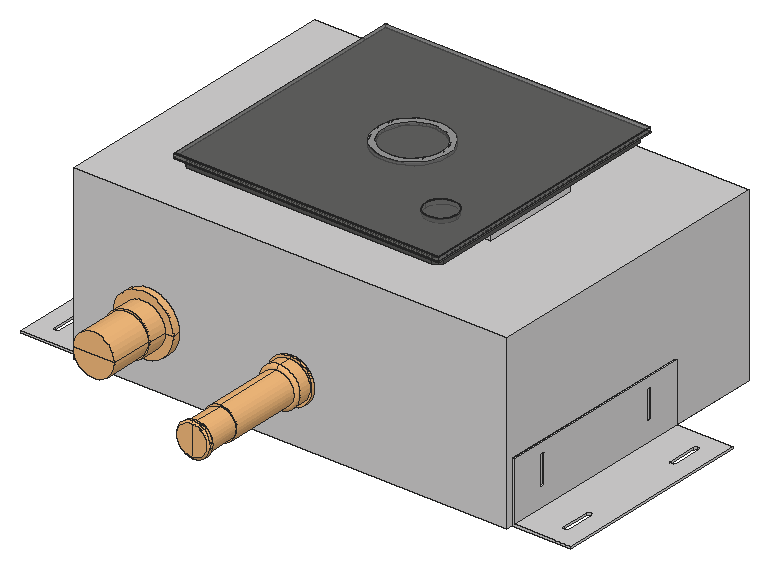
Revit family "Urinal-Flush_Actuator_Sensor-KOHLER-Summon-K-29182T", category Plumbing Fixtures, host Face, Revit 2021
Family settings
  Host = Face
  Round Connector Dimension = Use Diameter
  Part Type = Normal
  OmniClass Number = 23.31.25.00
  OmniClass Title = Toilet and Bath Specialties
  Cut with Voids When Loaded = No
  Shared = No
  Room Calculation Point = No
Parameters (values of type "3LPF,7-Black")
  Width = 6 7/32"  # constant formula
  WaterSense Certified = 1 = 0  # no
  Waste Water Outlet = "Waste Water Outlet"  # constant formula
  Waste Connection = 1 = 0  # no
  Voltage = 220 V  # constant formula
  Vent Connection = 1 = 0  # no
  URL = "http://www.kohler.com.cn/"
  Type = 1
  Product Page URL = ""
  Product Name = "Summon"  # constant formula
  Product Documentation Link = ""
  Pressure = 80.00 psi  # constant formula
  Model = if(or(Type = 1, Type = 2, Type = 3), "K-29182T-7", if(or(Type = 4, Type = 5, Type = 6), "K-29182T-X-7", "NA"))  # "K-29182T-7"
  Material = "Glass"  # constant formula
  Master Format 2014 Name = "Control Valves"  # constant formula
  Master Format 2014 = "23 09 13.33"  # constant formula
  Manufacturer Address = "Kohler Beijing Office (100016) 36-2-03-B, No. 88, Liuxiang Road, Beijing"  # constant formula
  Manufacturer = "Kohler Co."  # constant formula
  Length = 27/128"  # constant formula
  Hot Water Inlet = "Hot Water Inlet"  # constant formula
  Height = 6 57/256"  # constant formula
  HW Connection = 1 = 0  # no
  Flush Rate- LPF = if(or(Type = 1), "3LPF", if(or(Type = 2), "4.5LPF", if(or(Type = 3), "6LPF", if(or(Type = 4), "3LPF", if(or(Type = 5), "4.5LPF", if(or(Type = 6), "6LPF", "NA"))))))  # "3LPF"
  Flow Rate = 0 GPM
  Finish = Kohler-Glass-7-Black_Black
  Environmental Product Declaration = ""
  Electrical Note = "One Dedicated Circuit Required"  # constant formula
  Electrical Connector = 1 = 1  # yes
  Description = if(or(Type = 1, Type = 2, Type = 3), "Toilet Sensor, 3L/4.5L&6L", if(or(Type = 4, Type = 5, Type = 6), "Toilet Sensor, 3L/4.5L&6L-Internet Of Things", "NA"))  # "Toilet Sensor, 3L/4.5L&6L"
  Default Elevation = 36"
  Declare Label = ""
  Date Modified = "08/08/2022"  # constant formula
  Date Created = "08/08/2022"  # constant formula
  Copyright = "Copyright Kohler Co."  # constant formula
  Contact Us = "http://www.kohler.com.cn/contact/contact-us/"
  Cold Water Outlet = "Cold Water Outlet"  # constant formula
  Cold Water Inlet = "Cold Water Inlet"  # constant formula
  CW Connection = 1 = 1  # yes
  Assembly Code = "D2020"
  Apparent Load = 0 VA
  ADA Compliant = 1 = 0  # no
Types (7): name | Type | Model | Flush Rate- LPF | Description
  (no name) | 1 | "K-29182T-7" | "3LPF" | "Toilet Sensor, 3L/4.5L&6L"
  3LPF,7-Black | 1 | "K-29182T-7" | "3LPF" | "Toilet Sensor, 3L/4.5L&6L"
  4.5LPF,7-Black | 2 | "K-29182T-7" | "4.5LPF" | "Toilet Sensor, 3L/4.5L&6L"
  6LPF,7-Black | 3 | "K-29182T-7" | "6LPF" | "Toilet Sensor, 3L/4.5L&6L"
  3LPF-IOT,7-Black | 4 | "K-29182T-X-7" | "3LPF" | "Toilet Sensor, 3L/4.5L&6L-Internet Of Things"
  4.5LPF-IOT,7-Black | 5 | "K-29182T-X-7" | "4.5LPF" | "Toilet Sensor, 3L/4.5L&6L-Internet Of Things"
  6LPF-IOT,7-Black | 6 | "K-29182T-X-7" | "6LPF" | "Toilet Sensor, 3L/4.5L&6L-Internet Of Things"
Reference planes (in)
  plane 1 "Center (Front/Back)": y = 0
  plane 2: z = 0
  plane 3 "Center (Left/Right)": x = 0
  plane 4: z = -4.68099
  plane 5: z = -4.58961
  plane 6: z = -0.4085
  plane 7: z = 0
  plane 8: y = 3.54331
  plane 9: y = -3.54331
  plane 10: x = 6.41732
  plane 11: x = -6.49606
  plane 12: y = 3.11028
  plane 13: y = -3.11238
  plane 14: x = 3.11028
  plane 15: x = -3.10847
  plane 16: y = -1.67323
  plane 17: y = -0.87127
  plane 18: y = 0.87127
  plane 19: x = 5.03937
  plane 20: y = -6.45669
  plane 21: y = -5.15748
  plane 22: y = 1.37825
  plane 23: y = -3.37613
  plane 24: x = -5.11811
  plane 25: y = -2.5699
  plane 26: y = 0.57202
  plane 27: x = -0.87127
  plane 28: x = 0.87127
  plane 29: z = -2.63413
  plane 30: x = -3.34669
  plane 31: z = -4.62888
  plane 32: z = 0.21094
  plane 33: x = 5.92815
  plane 34: x = -6.0022
  plane 35: z = -0.04764
  plane 36: y = -6.45669
  plane 37: y = 3.63181
  plane 38: x = 2.01575
  plane 39: x = 1.92809
  plane 40: y = 2.08508
  plane 41: z = -3.21251
Forms (in)
  Extrusion 1, void
    sketch origin (0, 0, 0) x (0, 1, 0) y (0, 0, 1)
      loop
        line (-3.59782, -0.61732) -> (-3.59782, -4.68084) -> (3.71394, -4.68084) -> (3.71394, -0.61732) -> (-3.59782, -0.61732)
    from -6.53201 to 6.45626
  Extrusion 2, void
    sketch origin (0, 0, 0.15773) x (0, 1, 0) y (0, 0, 1)
      loop
        line (-3.54331, -2.59691) -> (-6.45669, -2.59691) -> (-6.45669, -4.13019) -> (-3.54331, -4.13019) -> (-3.54331, -2.59691)
    from -0.54514 to 0.54872
  Extrusion 3, void
    sketch origin (0, 0, -0.55469) x (1, 0, 0) y (0, 0, 1)
      loop
        circle (-3.29763, -2.67631) r 0.74069
    from 3.59782 to 5.15748
  Extrusion 4, void
    sketch origin (0, 0, 0) x (1, 0, 0) y (0, 1, 0)
      loop
        line (2.87375, 3.03154) -> (-2.87221, 3.03154) -> (-3.02958, 2.87418) -> (-3.02958, -2.88808) -> (-2.87256, -3.0451) -> (2.87408, -3.0451) -> (3.03151, -2.88768) -> (3.03151, 2.87379) -> (2.87375, 3.03154)
    from -0.61732 to 0
Dimensions and locks (in)
  plane 4 to nested 1 = 4.63335"
  "Width": plane 15 to plane 14
  "Height": plane 13 to plane 12
  plane 34 to plane 33 = 11.93035"
  plane 15 to plane 14 = 6 7/32"
  plane 9 to plane 20 = 2.91339"  (x2)
  plane 21 to plane 9 = 1.61417"
  level to plane 32 = 27/128"
  plane 4 to plane 29 = 2 3/64"
  plane 14 to plane 15 = 6 7/32"
  plane 26 to plane 25 = 3.14192"
  plane 9 to plane 21 = 1.61417"
  plane 37 to plane 20 = 10.08851"
  level to plane 29 = 2.63413"
  plane 32 to plane 4 = 4.89193"
  "Length": plane 32 to level
  aligned and locked: plane 2 to host face
  aligned and locked: level to host face
Automatic sketch dimensions
  host sketch curve to host sketch curve = 96"  (x2)
  plane 35 to Extrusion 1 sketch curve = 0.56968"
  Extrusion 1 sketch curve to plane 4 = 0.00015"
  plane 9 to Extrusion 1 sketch curve = 0.05452"
  Extrusion 1 sketch curve to plane 37 = 0.08213"
  Extrusion 2 sketch curve to plane 20 = 0"
  Extrusion 2 sketch curve to plane 9 = 0"
  Extrusion 2 sketch curve to plane 29 = 0.19494"
  plane 29 to Extrusion 3 sketch curve = 0.59687"
  Extrusion 3 sketch curve to plane 30 = 0.04906"
  plane 15 to Extrusion 4 sketch curve = 0.07889"
  Extrusion 4 sketch curve to plane 13 = 0.06728"
  Extrusion 4 sketch curve to Extrusion 4 sketch curve = 0.15702"  (x2)
  plane 12 to Extrusion 4 sketch curve = 0.07873"
  Extrusion 4 sketch curve to Extrusion 4 sketch curve = 0.15737"  (x2)
  Extrusion 4 sketch curve to plane 14 = 0.23653"
  Extrusion 4 sketch curve to plane 14 = 0.2362"
  Extrusion 4 sketch curve to plane 14 = 0.07877"
  Extrusion 4 sketch curve to Extrusion 4 sketch curve = 0.15743"
  Extrusion 4 sketch curve to Extrusion 4 sketch curve = 0.15776"
  plane 29 to Extrusion 2 sketch curve = 1.33834"
  radius of Extrusion 3 sketch curve = 0.74069"
Nested families (in)
  nested 1: "K-29182T" at (0, 0, 0.09458), type "K-29182T"
  nested 2: "Light_Point_Source" at (-0.00012, -0.00042, 0.17014), type "Light_Point_Source"
Connectors (in)
  piping at (-3.34646, -5.15748, -3.21251), diameter 1, driven by "CW Connection", driven by "Cold Water Inlet"
    settings: on nested 1, index 5, connector inside diameter 24", connector length 0", flow factor 0, pipe flow 0 GPM, pressure drop 0.00 psi, fitting loss kfactor 0, connector angle 0.00°, fixture units 0, engagement length 0", angle of deflection 0.00°, flow configuration 0, flow direction 1, fitting loss method 0, system type 20, joint type 0, gender type 0, connector reference index -1, connector utility 1, adjustable connector no, is connector primary yes, connector description "Cold Water Inlet"
  piping at (0, -6.45669, -3.21252), diameter 1.5, driven by "CW Connection", driven by "Cold Water Outlet"
    settings: on nested 1, index 6, connector inside diameter 24", connector length 0", flow factor 0, pipe flow 0 GPM, pressure drop 0.00 psi, fitting loss kfactor 0, connector angle 0.00°, fixture units 0, engagement length 0", angle of deflection 0.00°, flow configuration 0, flow direction 2, fitting loss method 0, system type 20, joint type 0, gender type 0, connector reference index -1, connector utility 1, adjustable connector no, is connector primary no, connector description "Cold Water Outlet"
  electrical at (1.92821, 2.0823, -4.68096), driven by "Voltage", driven by "Electrical Connector", driven by "Electrical Note"
    settings: on nested 1, index 7, voltage 220 V, apparent load 0 VA, apparent load phase1 0 VA, apparent load phase2 0 VA, apparent load phase3 0 VA, power factor 1, load classification "Power", number of poles 1, system type 30, power factor state 1, is connector primary yes, connector utility yes, sub classification motor no, connector description "One Dedicated Circuit Required"
Definition of nested family "K-29182T"
  Parameters
    Material = none
    Default Elevation = 0"
  Reference planes (in)
    plane 1 "Center (Front/Back)": y = 0
    plane 2: z = 0
    plane 3 "Center (Left/Right)": x = 0
    plane 4: y = 0.87127
    plane 5: y = -0.87127
    plane 6: y = 3.54331
    plane 7: y = -3.54331
    plane 8: y = 0.57202
    plane 9: y = -2.5699
    plane 10: x = 1.9323
    plane 11: x = -6.49606
    plane 12: x = 6.41732
    plane 13: y = 1.37825
    plane 14: y = -3.37613
    plane 15: y = -1.67323
    plane 16: x = -5.11811
    plane 17: x = 5.03937
    plane 18: x = -3.11022
    plane 19: x = 3.11028
    plane 20: y = 3.11028
    plane 21: y = -3.09886
    plane 22: y = -5.15748
    plane 23: y = -6.45669
    plane 24: z = -4.72348
    plane 25: z = -4.67951
    plane 26: z = 0.11816
    plane 27: z = -0.14222
    plane 28: z = -4.77554
    plane 29: z = -0.7119
    plane 30: y = 3.63181
    plane 31: z = -3.30709
  Forms (in)
    Blend 1, solid, material <- "Material"
      base sketch origin (0.00109, 0.30756, 0) x (1, 0, 0) y (0, 1, 0)
        loop
          line (3.09713, 2.79046) -> (-3.09945, 2.79046) -> (-3.09945, -3.40642) -> (3.09713, -3.40642) -> (3.09713, 2.79046)
      top sketch origin (0.00109, 0.30756, 0) x (1, 0, 0) y (0, 1, 0)
        loop
          line (3.1092, 2.80272) -> (-3.11131, 2.80272) -> (-3.11131, -3.41777) -> (3.1092, -3.41777) -> (3.1092, 2.80272)
      from 0.11816 to 0.10635
    Extrusion 2, solid, material <- "Material"
      sketch origin (0.00109, 0.30756, 0) x (1, 0, 0) y (0, 1, 0)
        loop
          line (-3.11131, 2.80272) -> (-3.11131, -3.41777) -> (3.1092, -3.41777) -> (3.1092, 2.80272) -> (-3.11131, 2.80272)
      from 0.01196 to 0.10635
    Blend 3, solid
      base sketch origin (0.00109, 0.30756, 0) x (1, 0, 0) y (0, 1, 0)
        loop
          line (3.09713, 2.79046) -> (-3.09945, 2.79046) -> (-3.09945, -3.40642) -> (3.09713, -3.40642) -> (3.09713, 2.79046)
      top sketch origin (0.00109, 0.30756, 0) x (1, 0, 0) y (0, 1, 0)
        loop
          line (3.1092, 2.80272) -> (-3.11131, 2.80272) -> (-3.11131, -3.41777) -> (3.1092, -3.41777) -> (3.1092, 2.80272)
      from 0 to 0.01196
    Extrusion 4, solid, detail levels medium+fine
      sketch origin (0.00109, 0.30756, 0) x (1, 0, 0) y (0, 1, 0)
        loop
          line (-2.87505, 2.72399) -> (-3.03242, 2.56662) -> (-3.03242, -3.18212) -> (-2.8754, -3.33914) -> (2.873, -3.33914) -> (3.03042, -3.18171) -> (3.03042, 2.56623) -> (2.87267, 2.72399) -> (-2.87505, 2.72399)
      from -0.14222 to 0
    Extrusion 5, solid, detail levels medium+fine
      sketch origin (0.00109, 0.30756, 0) x (1, 0, 0) y (0, 1, 0)
        loop
          line (-5.1192, 3.23575) -> (-5.1192, -3.85087) -> (5.03828, -3.85087) -> (5.03828, 3.23575) -> (-5.1192, 3.23575)
      from -4.72348 to -0.7119
    Extrusion 6, void
      sketch origin (0, 0, 0) x (1, 0, 0) y (0, 1, 0)
        loop
          circle (0.00111, -0.00009) r 0.82161
      from 0.06881 to 0.2081
    Extrusion 7, solid, material <- "Material"
      sketch origin (0, 0, 0) x (1, 0, 0) y (0, 1, 0)
        loop
          circle (0.00111, -0.00009) r 0.6853
      from 0.07711 to 0.11816
    Revolve 8, solid, detail levels medium+fine
      sketch origin (0, 0.83654, -0.62827) x (0, 1, 0) y (0, 0, 1)
        loop
          line (-4.32658, -2.72803) -> (-4.32658, -2.19994) -> (-4.43436, -2.19994) -> (-4.43436, -2.25908) -> (-4.72028, -2.25908)
          arc (-4.72028, -2.25908) -> (-4.77841, -2.28423) -> (-4.79987, -2.34382) r 0.07975
          line (-4.79987, -2.34382) -> (-6.46508, -2.34382) -> (-6.46508, -2.37556) -> (-7.1528, -2.37556) -> (-7.19404, -2.33433) -> (-7.25199, -2.33433) -> (-7.29323, -2.37556) -> (-7.29323, -2.72803) -> (-4.32658, -2.72803)
        axis (-7.29323, -2.72803) -> (-4.32658, -2.72803)
      angle from 0 to 360
    Extrusion 9, void
      sketch origin (0, 0, -0.11073) x (1, 0, 0) y (0, 0, 1)
        loop
          circle (0, -3.24403) r 0.41972
      from -3.54882 to -3.49452
    Sweep 10, solid
      path origin (0, 0, 0) x (1, 0, 0) y (0, 1, 0)
        loop
          circle (0.00111, -0.00009) r 0.82161
      profile origin (0.00111, 0.82152, 0) x (0, -1, 0) y (0, 0, 1)
        loop
          line (0, 0.11816) -> (0, 0.04868) -> (0.13631, 0.04868) -> (0.13631, 0.11816) -> (0, 0.11816)
        loop
          line (0.01778, 0.10029) -> (0.01778, 0.06927) -> (0.12023, 0.06927) -> (0.12023, 0.10029) -> (0.01778, 0.10029)
    Extrusion 11, solid, detail levels medium+fine
      sketch origin (-1.47638, -1.1811, 0) x (1, 0, 0) y (0, 1, 0)
        loop
          circle (-1.91914, -1.38329) r 0.11825
      from -4.13386 to -4.19964
    Extrusion 12, void
      sketch origin (0, 0, 0) x (1, 0, 0) y (0, 1, 0)
        loop
          circle (2.01575, -1.67323) r 0.37598
      from 0.10635 to 0.15495
    Extrusion 13, solid, material <- "Material"
      sketch origin (0, 0, 0) x (1, 0, 0) y (0, 1, 0)
        loop
          circle (2.01575, -1.67323) r 0.35886
      from 0 to 0.11816
    Revolve 14, solid, detail levels medium+fine
      sketch origin (0, 0, -3.30709) x (0, -1, 0) y (1, 0, 0)
        loop
          line (3.54331, -3.34646) -> (5.15748, -3.34646) -> (5.15748, -2.86556) -> (4.17323, -2.86556) -> (4.17323, -2.83246) -> (3.7111, -2.83246) -> (3.7111, -2.63561) -> (3.54331, -2.63561) -> (3.54331, -3.34646)
        axis (3.54331, -3.34646) -> (5.15748, -3.34646)
      angle from 0 to 360
    Extrusion 15, solid, detail levels medium+fine
      sketch origin (0, 0, 0) x (1, 0, 0) y (0, 0, 1)
        loop
          line (-5.11811, -3.30709) -> (-5.16468, -3.30709) -> (-5.16468, -4.68417) -> (-6.49606, -4.68417) -> (-6.49606, -4.72348) -> (-5.11811, -4.72348) -> (-5.11811, -3.30709)
        loop
          line (5.03937, -3.30709) -> (5.03937, -4.72348) -> (6.41732, -4.72348) -> (6.41732, -4.67951) -> (5.08893, -4.67951) -> (5.08893, -3.30709) -> (5.03937, -3.30709)
      from -1.37825 to 3.37613
    Extrusion 16, void
      sketch origin (0, 0, -0.47982) x (0, 1, 0) y (0, 0, 1)
        loop
          line (0.63698, -3.70182) -> (0.63698, -3.11367)
          arc (0.63698, -3.11367) -> (0.57202, -3.04872) -> (0.50707, -3.11367) r 0.06496
          line (0.50707, -3.11367) -> (0.50707, -3.70182)
          arc (0.50707, -3.70182) -> (0.57202, -3.76677) -> (0.63698, -3.70182) r 0.06496
        loop
          arc (-2.63485, -3.70111) -> (-2.5699, -3.76607) -> (-2.50494, -3.70111) r 0.06496
          line (-2.50494, -3.70111) -> (-2.50494, -3.11225)
          arc (-2.50494, -3.11225) -> (-2.5699, -3.04729) -> (-2.63485, -3.11225) r 0.06496
          line (-2.63485, -3.11225) -> (-2.63485, -3.70111)
      from 5.03937 to 5.54166
    Extrusion 17, void
      sketch origin (0, 0, -0.57967) x (0, 1, 0) y (0, 0, 1)
        loop
          line (0.63698, -3.70182) -> (0.63698, -3.11367)
          arc (0.63698, -3.11367) -> (0.57202, -3.04872) -> (0.50707, -3.11367) r 0.06496
          line (0.50707, -3.11367) -> (0.50707, -3.70182)
          arc (0.50707, -3.70182) -> (0.57202, -3.76677) -> (0.63698, -3.70182) r 0.06496
        loop
          arc (-2.63485, -3.70111) -> (-2.5699, -3.76607) -> (-2.50494, -3.70111) r 0.06496
          line (-2.50494, -3.70111) -> (-2.50494, -3.11225)
          arc (-2.50494, -3.11225) -> (-2.5699, -3.04729) -> (-2.63485, -3.11225) r 0.06496
          line (-2.63485, -3.11225) -> (-2.63485, -3.70111)
      from -5.38636 to -5.11811
    Extrusion 18, void
      sketch origin (-0.04921, 0, 0) x (1, 0, 0) y (0, 1, 0)
        loop
          line (-5.88803, 0.24306) -> (-5.88803, 0.90099)
          arc (-5.88803, 0.90099) -> (-5.95299, 0.96595) -> (-6.01795, 0.90099) r 0.06496
          line (-6.01795, 0.90099) -> (-6.01795, 0.24306)
          arc (-6.01795, 0.24306) -> (-5.95299, 0.1781) -> (-5.88803, 0.24306) r 0.06496
        loop
          arc (-6.01795, -2.89886) -> (-5.95299, -2.96382) -> (-5.88803, -2.89886) r 0.06496
          line (-5.88803, -2.89886) -> (-5.88803, -2.24093)
          arc (-5.88803, -2.24093) -> (-5.95299, -2.17598) -> (-6.01795, -2.24093) r 0.06496
          line (-6.01795, -2.24093) -> (-6.01795, -2.89886)
        loop
          arc (6.04232, 0.90099) -> (5.97736, 0.96595) -> (5.91241, 0.90099) r 0.06496
          line (5.91241, 0.90099) -> (5.91241, 0.24306)
          arc (5.91241, 0.24306) -> (5.97736, 0.1781) -> (6.04232, 0.24306) r 0.06496
          line (6.04232, 0.24306) -> (6.04232, 0.90099)
        loop
          line (5.91241, -2.24093) -> (5.91241, -2.89886)
          arc (5.91241, -2.89886) -> (5.97736, -2.96382) -> (6.04232, -2.89886) r 0.06496
          line (6.04232, -2.89886) -> (6.04232, -2.24093)
          arc (6.04232, -2.24093) -> (5.97736, -2.17598) -> (5.91241, -2.24093) r 0.06496
      from -4.52627 to -5.08822
    Extrusion 19, solid
      sketch origin (0, 0, 0) x (1, 0, 0) y (0, 1, 0)
        loop
          line (-5.11811, -3.54331) -> (5.03937, -3.54331) -> (5.03937, 3.54331) -> (-5.11811, 3.54331) -> (-5.11811, -3.54331)
      from -0.7119 to -4.72348
    Extrusion 20, solid, detail levels coarse
      sketch origin (0, 0, 0) x (1, 0, 0) y (0, 0, 1)
        loop
          line (-5.11811, -3.30709) -> (-5.16468, -3.30709) -> (-5.16468, -4.67951) -> (-6.49606, -4.67951) -> (-6.49606, -4.72348) -> (-5.11811, -4.72348) -> (-5.11811, -3.30709)
        loop
          line (5.03937, -3.30709) -> (5.03937, -4.72348) -> (6.41732, -4.72348) -> (6.41732, -4.67951) -> (5.08893, -4.67951) -> (5.08893, -3.30709) -> (5.03937, -3.30709)
      from -1.37825 to 3.37613
    Extrusion 21, solid, detail levels coarse
      sketch origin (0, 0, -0.63976) x (1, 0, 0) y (0, 0, 1)
        loop
          circle (0, -2.715) r 0.3937
      from -3.54331 to -3.63181
    Extrusion 22, solid, detail levels coarse
      sketch origin (0, 0, -0.59055) x (1, 0, 0) y (0, 0, 1)
        loop
          circle (-3.34646, -2.71654) r 0.71085
      from 3.54331 to 5.15748
    Extrusion 23, solid, detail levels coarse
      sketch origin (0, 0, -0.63976) x (1, 0, 0) y (0, 0, 1)
        loop
          circle (0, -2.715) r 0.52665
      from 3.54331 to 6.45669
    Extrusion 24, solid, detail levels coarse
      sketch origin (0, 0, 0) x (1, 0, 0) y (0, 1, 0)
        loop
          line (3.03151, 3.03154) -> (-3.03134, 3.03154) -> (-3.03134, -3.03158) -> (3.03151, -3.03158) -> (3.03151, 3.03154)
      from -0.14222 to 0
    Extrusion 25, solid
      sketch origin (0, 0, 0) x (1, 0, 0) y (0, 1, 0)
        loop
          circle (1.92821, 2.0823) r 0.09405
      from -4.72348 to -4.77554
    Extrusion 26, solid
      sketch origin (0, 0, 0) x (1, 0, 0) y (0, 0, 1)
        loop
          line (-2.72984, -0.14222) -> (-2.72984, -0.35291) -> (-2.61093, -0.35291) -> (-2.61093, -0.7119) -> (2.52872, -0.7119) -> (2.52872, -0.35557) -> (2.64423, -0.35557) -> (2.64423, -0.14222) -> (-2.72984, -0.14222)
      from -2.64344 to 2.63485
    Extrusion 27, void
      sketch origin (0, 0, 0) x (0, 1, 0) y (0, 0, 1)
        loop
          line (1.45669, -0.35557) -> (1.45669, -0.7119) -> (2.64344, -0.7119) -> (2.64344, -0.35557) -> (1.45669, -0.35557)
        loop
          line (-0.88072, -0.35557) -> (-2.82379, -0.35557) -> (-2.82379, -0.7119) -> (-0.88072, -0.7119) -> (-0.88072, -0.35557)
      from -3.03134 to 3.03151
    Extrusion 28, solid, detail levels medium+fine
      sketch origin (0, 0, 0) x (1, 0, 0) y (0, 1, 0)
        loop
          circle (2.01575, -1.67323) r 0.37598
      from -0.35291 to -0.7119
    Revolve 29, solid, detail levels medium+fine
      sketch origin (0, 0, 0) x (0, 1, 0) y (0, 0, 1)
        loop
          line (3.49452, -3.3563) -> (3.63181, -3.3563) -> (3.63181, -3.0001) -> (3.59431, -2.9626) -> (3.49452, -2.9626) -> (3.49452, -3.3563)
        axis (3.49452, -3.3563) -> (3.63181, -3.3563)
      angle from 0 to 360
    Extrusion 30, solid
      sketch origin (0, 0, 0) x (1, 0, 0) y (0, 1, 0)
        loop
          circle (1.89173, -2.27634) r 0.59473
      from -4.72348 to -4.77554
  Cuts and joins
    Extrusion 9 cuts Extrusion 5
    Extrusion 16, Extrusion 17, Extrusion 18 cuts Extrusion 15
    joined: Extrusion 5, Extrusion 11, Extrusion 15
    Extrusion 6, Extrusion 12 cuts Blend 1
    Extrusion 12 cuts Extrusion 2
    Extrusion 12 cuts Blend 3
    joined: Revolve 8, Revolve 14
    joined: Extrusion 19, Extrusion 25
    Extrusion 27 cuts Extrusion 26
  Lines and regions (in)
    Masking region 1
      outline origin (0, 0, -0.50293) x (0, 1, 0) y (-1, 0, 0)
        loop
          line (3.11028, -3.11028) -> (3.11028, 3.11022) -> (-3.11021, 3.11022) -> (-3.11021, -3.11028) -> (3.11028, -3.11028)
    Masking region 2
      outline origin (0, 0, 0) x (1, 0, 0) y (0, 0, 1)
        loop
          line (0.00112, 0.11816) -> (-3.09846, 0.11816) -> (-3.11022, 0.08583) -> (-3.11022, 0.03233) -> (-3.09846, 0) -> (-3.03134, 0) -> (-3.03134, -0.14222) -> (3.03168, -0.14222) -> (3.03168, 0) -> (3.09903, 0) -> (3.1108, 0.03233) -> (3.1108, 0.08583) -> (3.09903, 0.11816) -> (0.00112, 0.11816)
    Masking region 3
      outline origin (0, 0, 0) x (0, 1, 0) y (0, 0, 1)
        loop
          line (0, 0.11816) -> (-3.09851, 0.11816) -> (-3.11028, 0.08583) -> (-3.11028, 0.03233) -> (-3.09851, 0) -> (-3.03154, 0) -> (-3.03154, -0.14222) -> (3.03154, -0.14222) -> (3.03154, 0) -> (3.09851, 0) -> (3.11028, 0.03233) -> (3.11028, 0.08583) -> (3.09851, 0.11816) -> (0, 0.11816)
    Masking region 4, detail levels medium+fine
      outline origin (0, 0, 0) x (1, 0, 0) y (0, 0, 1)
        loop
          line (-5.11811, -0.7119) -> (-5.11811, -3.30709) -> (-5.16468, -3.30709) -> (-5.16468, -4.68417) -> (-6.49606, -4.68417) -> (-6.49606, -4.72348) -> (-5.11811, -4.72348) -> (1.2959, -4.72348) -> (1.2959, -4.77554) -> (2.48645, -4.77554) -> (2.48645, -4.72348) -> (5.03937, -4.72348) -> (6.41732, -4.72348) -> (6.41732, -4.67951) -> (5.08893, -4.67951) -> (5.08893, -3.30709) -> (5.03937, -3.30709) -> (5.03937, -0.7119) -> (2.52872, -0.7119) -> (2.52872, -0.35557) -> (2.64423, -0.35557) -> (2.64423, -0.14222) -> (-2.72984, -0.14222) -> (-2.72984, -0.35291) -> (-2.61093, -0.35291) -> (-2.61093, -0.7119) -> (-5.11811, -0.7119)
    Masking region 5
      outline origin (0, 0, 0) x (0, 1, 0) y (0, 0, 1)
        loop
          line (3.54331, -0.7119) -> (1.45669, -0.7119) -> (1.45669, -0.35291) -> (2.64344, -0.35291) -> (2.64344, -0.14222) -> (-2.63485, -0.14222) -> (-2.63485, -0.35291) -> (-2.04872, -0.35291) -> (-2.04872, -0.7119) -> (-3.54331, -0.7119) -> (-3.54331, -2.59624) -> (-3.7111, -2.59624) -> (-3.7111, -2.79309) -> (-4.17323, -2.79309) -> (-4.17323, -2.82619) -> (-5.02636, -2.82619)
          arc (-5.02636, -2.82619) -> (-5.1043, -2.85328) -> (-5.14864, -2.92288) r 0.12567
          line (-5.14864, -2.92288) -> (-5.62854, -2.92288) -> (-5.62854, -2.95462) -> (-6.31627, -2.95462) -> (-6.3575, -2.91339) -> (-6.41546, -2.91339) -> (-6.45669, -2.95462) -> (-6.45669, -3.65955) -> (-6.41546, -3.70079) -> (-6.3575, -3.70079) -> (-6.31627, -3.65955) -> (-5.62854, -3.65955) -> (-5.62854, -3.6913) -> (-5.14864, -3.6913)
          arc (-5.14864, -3.6913) -> (-5.1043, -3.76089) -> (-5.02636, -3.78798) r 0.12567
          line (-5.02636, -3.78798) -> (-4.17323, -3.78798) -> (-4.17323, -3.82109) -> (-3.7111, -3.82109) -> (-3.7111, -4.01794) -> (-3.54331, -4.01794) -> (-3.54331, -4.72348) -> (-2.87106, -4.72348) -> (-2.87106, -4.77554) -> (-1.68161, -4.77554) -> (-1.68161, -4.72348) -> (1.98754, -4.72348) -> (1.98754, -4.77554) -> (2.17671, -4.77554) -> (2.17671, -4.72441) -> (3.54331, -4.72441) -> (3.54331, -3.75) -> (3.60578, -3.75) -> (3.63181, -3.72397) -> (3.63181, -2.98863) -> (3.60578, -2.9626) -> (3.54331, -2.9626) -> (3.54331, -0.7119)
    symbolic lines, detail levels medium+fine
      curve 1: circle (0.00111, -0.00009, -0.50293) r 0.6853 normal (0, 0, 1)
      curve 2: line (-5.11811, 0, -0.38883) -> (-5.11811, 0, -0.61702)
      curve 3: line (-5.11811, 0, -2.71654) -> (-5.11811, 0, -4.72348)
      curve 4: line (5.03937, 0, -2.71654) -> (5.03937, 0, -4.72348)
      curve 5: line (-3.03134, 0, -0.14222) -> (3.03168, 0, -0.14222)
      curve 6: line (3.03168, 0, 0) -> (-3.03134, 0, 0)
      curve 7: line (-3.11022, 0, 0.03233) -> (3.1108, 0, 0.03233)
      curve 8: line (3.1108, 0, 0.08583) -> (-3.11022, 0, 0.08583)
      curve 9: line (-2.87397, 0, -0.14222) -> (-2.87397, 0, 0)
      curve 10: line (2.90073, 0, -0.14222) -> (2.90073, 0, 0)
      curve 11: arc (-0.41972, 0, -3.36737) -> (0, 0, -3.7871) -> (0.41972, 0, -3.36737) r 0.41972
      curve 12: arc (0.41972, 0, -3.36737) -> (0, 0, -2.94765) -> (-0.41972, 0, -3.36737) r 0.41972
      curve 13: arc (0, 0, -3.71953) -> (-0.35246, 0, -3.36706) -> (0, 0, -3.0146) r 0.35246
      curve 14: arc (0, 0, -3.0146) -> (0.35246, 0, -3.36706) -> (0, 0, -3.71953) r 0.35246
      curve 15: arc (0, 0, -3.76077) -> (0.3937, 0, -3.36706) -> (0, 0, -2.97336) r 0.3937
      curve 16: arc (0, 0, -2.97336) -> (-0.3937, 0, -3.36706) -> (0, 0, -3.76077) r 0.3937
      curve 17: line (0, 3.03154, -0.14222) -> (0, -3.03154, -0.14222)
      curve 18: line (0, -3.03155, 0.00006) -> (0, 3.03228, 0.00006)
      curve 19: line (0, 3.11028, 0.03233) -> (0, -3.11028, 0.03233)
      curve 20: line (0, -3.11028, 0.08583) -> (0, 3.11028, 0.08583)
      curve 28: circle (0, 0, -0.50293) r 0.87127 normal (0, 0, 1)
      curve 29: arc (2.37461, -1.67323, -0.50293) -> (2.01575, -1.31437, -0.50293) -> (1.65689, -1.67323, -0.50293) r 0.35886
      curve 30: arc (1.65689, -1.67323, -0.50293) -> (2.01575, -2.03209, -0.50293) -> (2.37461, -1.67323, -0.50293) r 0.35886
      curve 31: circle (2.01575, -1.67323, -0.50293) r 0.37598 normal (0, 0, 1)
      curve 32: line (0, 3.54331, -3.75) -> (0, 3.54331, -2.9626)
      curve 33: line (0, 3.59431, -2.9626) -> (0, 3.59431, -3.75)
      curve 34: line (0, -3.54331, -2.59624) -> (0, -3.54331, -4.01794)
      curve 35: line (0, -3.7111, -3.82109) -> (0, -3.7111, -2.79309)
      curve 36: line (0, -4.17323, -2.82619) -> (0, -4.17323, -3.78798)
      curve 37: line (0, -5.15039, -3.68831) -> (0, -5.15039, -2.91989)
      curve 38: line (0, -5.62854, -2.95462) -> (0, -5.62854, -3.65955)
      curve 39: line (0, -6.31627, -3.65955) -> (0, -6.31627, -2.95462)
      curve 40: line (0, -6.3575, -2.91339) -> (0, -6.3575, -3.70079)
      curve 41: line (0, -6.41546, -2.91339) -> (0, -6.41546, -3.70079)
      curve 42: line (0, 1.37825, -4.72348) -> (0, 1.37825, -3.30709)
      curve 43: line (0, 1.37825, -3.30709) -> (0, -3.37613, -3.30709)
      curve 44: line (0, 1.37825, -4.67951) -> (0, -3.37613, -4.67951)
      curve 45: line (0, -3.37613, -3.30709) -> (0, -3.37613, -4.72348)
      curve 46: line (0, 0.63698, -4.29286) -> (0, 0.63698, -3.70472)
      curve 47: line (0, 0.50707, -3.70472) -> (0, 0.50707, -4.29286)
      curve 48: arc (0, 0.63698, -3.70472) -> (0, 0.57202, -3.63976) -> (0, 0.50707, -3.70472) r 0.06496
      curve 49: arc (0, 0.50707, -4.29286) -> (0, 0.57202, -4.35782) -> (0, 0.63698, -4.29286) r 0.06496
      curve 50: line (0, -2.63485, -3.70329) -> (0, -2.63485, -4.29215)
      curve 51: arc (0, -2.50494, -3.70329) -> (0, -2.5699, -3.63834) -> (0, -2.63485, -3.70329) r 0.06496
      curve 52: line (0, -2.50494, -4.29215) -> (0, -2.50494, -3.70329)
      curve 53: arc (0, -2.63485, -4.29215) -> (0, -2.5699, -4.35711) -> (0, -2.50494, -4.29215) r 0.06496
      curve 54: line (3.09822, 3.09802, -2.71654) -> (-3.09836, 3.09802, -2.71654)
      curve 55: line (-3.09836, 3.09802, -2.71654) -> (-3.09836, -3.09886, -2.71654)
      curve 56: line (-3.09836, -3.09886, -2.71654) -> (3.09822, -3.09886, -2.71654)
      curve 57: line (3.09822, -3.09886, -2.71654) -> (3.09822, 3.09802, -2.71654)
      curve 58: line (0, 2.87418, -0.14222) -> (0, 2.87418, 0)
      curve 59: line (0, -2.87456, -0.14222) -> (0, -2.87456, 0)
      curve 60: line (-2.61093, 0, -0.7119) -> (2.52872, 0, -0.7119)
      curve 61: line (-2.61093, 0, -0.35291) -> (2.55287, 0, -0.35291)
      curve 62: line (1.297, 0, -4.72348) -> (2.48645, 0, -4.72348)
      curve 63: line (0, 1.45669, -0.35291) -> (0, -2.04872, -0.35291)
      curve 64: line (0, -2.04921, -0.7119) -> (0, 1.45669, -0.7119)
      curve 65: line (0, 2.17635, -4.72348) -> (0, 1.98754, -4.72348)
      curve 66: line (0, -1.68161, -4.72348) -> (0, -2.87106, -4.72348)
      curve 67: line (1.83416, 0, -4.77554) -> (1.83416, 0, -4.72348)
      curve 68: line (2.02226, 0, -4.77554) -> (2.02226, 0, -4.72348)
    symbolic lines, detail levels coarse
      curve 21: line (0.87127, 0, -3.01642) -> (-0.87127, 0, -3.72046)
      curve 22: line (0.87127, 0, -3.72046) -> (-0.87127, 0, -3.01642)
      curve 23: line (-0.87127, 0, -3.72046) -> (-0.87127, 0, -3.01642)
      curve 24: line (0.87127, 0, -3.01642) -> (0.87127, 0, -3.72046)
      curve 25: line (0, 0, -3.36844) -> (0, 0, -3.86651)
      curve 26: line (0.87127, 0, -3.86651) -> (-0.87127, 0, -3.86651)
      curve 27: arc (-0.87127, 0, -3.86651) -> (0, 0, -4.2944) -> (0.87127, 0, -3.86651) r 1.10099
  Dimensions and locks (in)
    plane 11 to plane 12 = 12.91339"
    plane 16 to plane 17 = 10.15748"
    plane 18 to plane 19 = 6.22051"
    plane 20 to plane 21 = 6.20913"
    plane 7 to plane 22 = 1.61417"
    plane 23 to plane 7 = 2.91339"
    plane 8 to plane 9 = 3.14192"
    plane 11 to plane 16 = 1.37795"
    plane 26 to plane 27 = 0.26038"
    plane 29 to plane 28 = 4.06364"
    aligned and locked: plane 2 to level
Definition of nested family "Light_Point_Source"
  Parameters (values of type "Light_Point_Source")
    Wattage = 65 W
    built-in parameter 1150110 = 1 (stored number, unit not read)
    built-in parameter 1114217 = 1 (stored number, unit not read)
    built-in parameter 1150109 = 1 (stored number, unit not read)
    built-in parameter 1150134 = 5
    built-in parameter 1150113 = 1 (stored number, unit not read)
    built-in parameter 1150105 = 413.8 (stored number, unit not read)
    Lumens = 1300 lm
    built-in parameter 1150115 = 1 (stored number, unit not read)
    Light Source Symbol Size = 2"
    built-in parameter 1150137 = (empty or 0)
    built-in parameter 1150139 = (empty or 0)
    built-in parameter 1150112 = 1 (stored number, unit not read)
    built-in parameter 1150114 = 1 (stored number, unit not read)
    Lamp = "LED"
    built-in parameter 1150132 = 2
    built-in parameter 1150102 = (empty or 0)
    built-in parameter 1150107 = 6000 (stored number, unit not read)
    built-in parameter 1150138 = (empty or 0)
    built-in parameter 1150106 = 4.138 (stored number, unit not read)
    Emit from Circle Diameter = 1 1/2"
    Emit Shape Visible in Rendering = no
    built-in parameter 1150104 = 1.8581 (stored number, unit not read)
    Dimming Lamp Color Temperature Shift = 1
    Default Elevation = 48"
    Color Filter = 16777215
    built-in parameter 1114218 = 1 (stored number, unit not read)
    built-in parameter 1150133 = 10 (stored number, unit not read)
    Apparent Load = 0 VA
  Reference planes (in)
    plane 1 "Center (Front/Back)": y = 0
    plane 2: z = 0
    plane 3 "Center (Left/Right)": x = 0
  Dimensions and locks (in)
    aligned and locked: plane 2 to level
